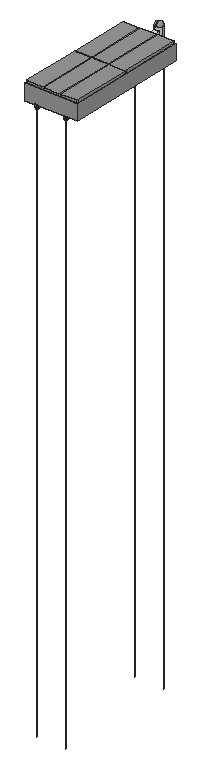
Revit family "62154", category Lighting Fixtures, host Face, Revit 2018
Family settings
  Host = Face
  Round Connector Dimension = Use Diameter
  Part Type = Normal
  OmniClass Number = 23.80.70.00
  OmniClass Title = Lighting
  Cut with Voids When Loaded = No
  Light Source = Yes
  Shared = No
  Room Calculation Point = No
Parameters (values of type "0062154 KUBIXX 4000K 32KLM AISLE SSA")
  Weight = "n/a"
  Wattage Comments = ""
  Wattage = 9.2903 W
  WarrantyStartDate [instance] = "n/a"
  WarrantyGuarantorParts = "n/a"
  WarrantyDurationUnit = "n/a"
  WarrantyDurationParts = ""
  WarrantyDescription = "http://www.sylvania-lighting.com"
  built-in parameter 1150110 = 1 (stored number, unit not read)
  Voltage = 0 V
  URL = "0"
  TypeName = "KubiXx 4000K 32KLM AISLE SSA"
  Type Image = <None>
  Type Comments = "n/a"
  built-in parameter 1114217 = 1 (stored number, unit not read)
  Total Length = 732 mm
  Tilt Angle = -90.00°
  built-in parameter 1150109 = 1 (stored number, unit not read)
  built-in parameter 1150134 = 3
  Suspension height = 3000 mm
  built-in parameter 1150113 = 1 (stored number, unit not read)
  SerialNumber [instance] = "n/a"
  Photometric Web File = "0062154.IES"
  Material_3_SYL = none
  PowerFactor = 0
  PowerConsumption = "Lighting"
  NominalLength = 280 mm
  NominalHeight = 94 mm
  NominalDepth = 650 mm
  Name = "KubiXx 4000K 32KLM AISLE SSA"
  ModelReference = Name  # "KubiXx 4000K 32KLM AISLE SSA"
  ModelNumber = "0062154"
  Model = Name  # "KubiXx 4000K 32KLM AISLE SSA"
  Material = "Feilo Sylvania"
  ManufacturerName = "172 lm/W"
  Manufacturer = ""
  LuminousEfficacy = ""
  built-in parameter 1150105 = 109.82 (stored number, unit not read)
  Lumens = 1380 lm
  LuminaireType = "0"
  built-in parameter 1150115 = 1 (stored number, unit not read)
  LightOutputRatio = "LED"
  built-in parameter 1150137 = (empty or 0)
  built-in parameter 1150139 = (empty or 0)
  LampsType = Lamp  # "n/a"
  LampNominalLuminous = "4000 K"
  LampMacAdamStep = "80"
  LampColourTemperature = "LED"
  LampColourRenderingIndex = "16500"
  built-in parameter 1150112 = 1 (stored number, unit not read)
  built-in parameter 1150114 = 1 (stored number, unit not read)
  Lamp = "n/a"
  Keynote = "n/a"
  InstallationDate [instance] = "n/a"
  InputVoltage = "0"
  InputNominalFrequency = "4000"
  built-in parameter 1150132 = (empty or 0)
  built-in parameter 1150102 = (empty or 0)
  built-in parameter 1150107 = 3200 (stored number, unit not read)
  built-in parameter 1150138 = (empty or 0)
  IngressProtection = "IfcLightFixtureType"
  ImpactProtectionIndex = "IfcLightFixtureType"
  built-in parameter 1150106 = 1.0982 (stored number, unit not read)
  IfcExportType = "IfcLightFixtureType"
  IfcExportAs = "Class I"
  Emit from Circle Diameter = 609.6 mm
  Emit Shape Visible in Rendering = no
  ElectricShockClassification = "172"
  built-in parameter 1150104 = 13.8 (stored number, unit not read)
  DocumentationLiterature = "http://www.sylvania-lighting.com/product/en-int/products/0062154"
  DimmingControlOptions = "n/a"
  Material_2_SYL = none
  Dimming Lamp Color Temperature Shift = <None>
  Description = "Logistics and Industry high bay luminaire with wide optics to provide homogenous light distribution for open space areas. 32500lumens, 188W, 172lm/W, 4000K, CRI80, wide beam optic, SylSmart SSA dimmable, 3 step MacAdam ellipse, grey finish (RAL7012), Class 1, 220-240V, IP65, IK06."
  Default Elevation = 1219.2 mm
  CreatedOn = "09/11/2023"
  CreatedBy = "@sylvania-lighting.com"
  Cost = 0
  Color Filter = 16777215
  built-in parameter 1114216 [instance] = (empty or 0)
  ClassificationValue = "EF_70_80"
  ClassificationName = "Uniclass2015"
  Material_1_SYL = none
  BarCode [instance] = "n/a"
  built-in parameter 1114218 = 1 (stored number, unit not read)
  built-in parameter 1150133 = 10 (stored number, unit not read)
  AssetType = "Fixed"
  AssetIdentifier [instance] = "n/a"
  Assembly Code = "D5020200"
  Apparent Load = 188 VA
  Material_4_SYL = none
Reference planes
  plane 1 "Center (Front/Back)": y = 0
  plane 2: z = 0
  plane 3 "Center (Left/Right)": x = 0
  plane 4: x = -140
  plane 5: x = 140
  plane 6: y = 325
  plane 7: y = -325
  plane 8: y = 160
  plane 9: y = -160
  plane 10: x = -93.6
  plane 11: x = -89.2
  plane 12: x = -2.2
  plane 13: x = 2.2
  plane 14: x = 89.2
  plane 15: x = 93.6
  plane 16: x = 77.2
  plane 17: x = -77.2
  plane 18: x = -87.2
  plane 19: x = -67.2
  plane 20: z = -18
  plane 21: y = 162
  plane 22: z = -8
  plane 23: y = -162
  plane 24: z = 3083
  plane 25: z = 3094
  plane 26: y = 163.5
  plane 27: z = 3000
  plane 28: z = 2982
  plane 29: x = 138.6
  plane 30: x = -138.6
  plane 31: x = 134.2
  plane 32: x = -134.2
  plane 33: x = 47.2
  plane 34: x = -47.2
  plane 35: x = 42.795
  plane 36: x = -42.778
  plane 37: y = -320.6
  plane 38: y = 1
  plane 39: y = -1
  plane 40: z = 3094
  plane 41: y = 407
Forms (mm)
  Extrusion 1, solid, material "Aluminum", detail levels medium+fine
    sketch origin (0, 0, 0) x (1, 0, 0) y (0, 1, 0)
      loop
        line (-140, 325) -> (-140, -325) -> (140, -325) -> (140, 325) -> (-140, 325)
    from 3000 to 3083
  Extrusion 2, solid, material "Acetal Resin, White", detail levels medium+fine
    sketch origin (91.4, 160.6, 0) x (1, 0, 0) y (0, 1, 0)
      loop
        arc (-220.89, 160) -> (-224.425, 158.536) -> (-225.89, 155) r 5
        line (-225.89, 155) -> (-225.89, -154.6)
        arc (-225.89, -154.6) -> (-224.425, -158.136) -> (-220.89, -159.6) r 5
        line (-220.89, -159.6) -> (-143.578, -159.6)
        arc (-143.578, -159.6) -> (-140.042, -158.136) -> (-138.578, -154.6) r 5
        line (-138.578, -154.6) -> (-138.578, 155)
        arc (-138.578, 155) -> (-140.042, 158.536) -> (-143.578, 160) r 5
        line (-143.578, 160) -> (-220.89, 160)
    from 3083 to 3094
  Extrusion 3, solid, material "Acetal Resin, White", detail levels medium+fine
    sketch origin (182.8, 160.6, 0) x (1, 0, 0) y (0, 1, 0)
      loop
        arc (-130.605, 160) -> (-134.141, 158.536) -> (-135.605, 155) r 5
        line (-135.605, 155) -> (-135.605, -154.6)
        arc (-135.605, -154.6) -> (-134.141, -158.136) -> (-130.605, -159.6) r 5
        line (-130.605, -159.6) -> (-53.412, -159.6)
        arc (-53.412, -159.6) -> (-49.876, -158.136) -> (-48.412, -154.6) r 5
        line (-48.412, -154.6) -> (-48.412, 155)
        arc (-48.412, 155) -> (-49.876, 158.536) -> (-53.412, 160) r 5
        line (-53.412, 160) -> (-130.605, 160)
    from 3083 to 3094
  Extrusion 4, solid, material "Aluminum", detail levels fine
    sketch origin (0, 0, 2992) x (1, 0, 0) y (0, 0, 1)
      loop
        line (-87.2, 8) -> (-87.2, 0)
        arc (-87.2, 0) -> (-84.271, -7.071) -> (-77.2, -10) r 10
        arc (-77.2, -10) -> (-70.129, -7.071) -> (-67.2, 0) r 10
        line (-67.2, 0) -> (-67.2, 8) -> (-87.2, 8)
    from -325 to -322
  Extrusion 5, void
    sketch origin (0.086, 0, 2990.692) x (1, 0, 0) y (0, 0, 1)
      loop
        circle (-77.2, 0) r 3
    from -350.589 to 380.147
  Extrusion 6, solid, material "Aluminum", detail levels fine
    sketch origin (154.4, 0, 2992) x (1, 0, 0) y (0, 0, 1)
      loop
        line (-87.2, 8) -> (-87.2, 0)
        arc (-87.2, 0) -> (-84.271, -7.071) -> (-77.2, -10) r 10
        arc (-77.2, -10) -> (-70.129, -7.071) -> (-67.2, 0) r 10
        line (-67.2, 0) -> (-67.2, 8) -> (-87.2, 8)
    from -325 to -322
  Extrusion 7, void
    sketch origin (154.475, 0, 2991.254) x (1, 0, 0) y (0, 0, 1)
      loop
        circle (-77.2, 0) r 3
    from -394.188 to 347.516
  Extrusion 8, solid, material "Aluminum", detail levels fine
    sketch origin (0, 0, 2992) x (1, 0, 0) y (0, 0, 1)
      loop
        line (-87.2, 8) -> (-87.2, 0)
        arc (-87.2, 0) -> (-84.271, -7.071) -> (-77.2, -10) r 10
        arc (-77.2, -10) -> (-70.129, -7.071) -> (-67.2, 0) r 10
        line (-67.2, 0) -> (-67.2, 8) -> (-87.2, 8)
    from 325 to 322
  Extrusion 9, solid, material "Aluminum", detail levels fine
    sketch origin (153.445, 0, 2992) x (1, 0, 0) y (0, 0, 1)
      loop
        line (-86.235, 8) -> (-86.235, 0.111)
        arc (-86.235, 0.111) -> (-83.306, -6.96) -> (-76.235, -9.889) r 10
        arc (-76.235, -9.889) -> (-69.163, -6.96) -> (-66.235, 0.111) r 10
        line (-66.235, 0.111) -> (-66.235, 8) -> (-86.235, 8)
    from 325 to 322
  Extrusion 10, solid, material "Stainless Steel"
    sketch origin (-0.029, 159.919, 0) x (1, 0, 0) y (0, 1, 0)
      loop
        circle (-77.2, 163.5) r 1
    from 0 to 3000
  Extrusion 11, solid, material "Stainless Steel"
    sketch origin (154.4, 159.993, 0) x (1, 0, 0) y (0, 1, 0)
      loop
        circle (-77.2, 163.5) r 1
    from 0 to 3000
  Extrusion 12, solid, material "Stainless Steel"
    sketch origin (0, -327, 0) x (1, 0, 0) y (0, 1, 0)
      loop
        circle (-77.2, 3.5) r 1
    from 0 to 3000
  Extrusion 13, solid, material "Stainless Steel"
    sketch origin (154.386, -327.05, 0) x (1, 0, 0) y (0, 1, 0)
      loop
        circle (-77.2, 3.5) r 1
    from 0 to 3000
  Extrusion 14, solid, detail levels coarse
    sketch origin (0, 0, 0) x (1, 0, 0) y (0, 0, 1)
      loop
        line (-140, 3097.667) -> (-140, 0) -> (140, 0) -> (140, 3097.667) -> (-140, 3097.667)
    from -407 to 325
  Extrusion 15, solid, material "Acetal Resin, White", detail levels medium+fine
    sketch origin (181.395, 160.6, 0) x (1, 0, 0) y (0, 1, 0)
      loop
        arc (-219.21, 160) -> (-222.746, 158.536) -> (-224.21, 155) r 5
        line (-224.21, 155) -> (-224.21, -154.6)
        arc (-224.21, -154.6) -> (-222.746, -158.136) -> (-219.21, -159.6) r 5
        line (-219.21, -159.6) -> (-143.578, -159.6)
        arc (-143.578, -159.6) -> (-140.042, -158.136) -> (-138.578, -154.6) r 5
        line (-138.578, -154.6) -> (-138.578, 155)
        arc (-138.578, 155) -> (-140.042, 158.536) -> (-143.578, 160) r 5
        line (-143.578, 160) -> (-219.21, 160)
    from 3083 to 3094
  Extrusion 16, solid, material "Acetal Resin, White", detail levels medium+fine
    sketch origin (91.4, -160.6, 0) x (1, 0, 0) y (0, 1, 0)
      loop
        arc (-220.89, 159.6) -> (-224.425, 158.136) -> (-225.89, 154.6) r 5
        line (-225.89, 154.6) -> (-225.89, -155)
        arc (-225.89, -155) -> (-224.425, -158.536) -> (-220.89, -160) r 5
        line (-220.89, -160) -> (-143.578, -160)
        arc (-143.578, -160) -> (-140.042, -158.536) -> (-138.578, -155) r 5
        line (-138.578, -155) -> (-138.578, 154.6)
        arc (-138.578, 154.6) -> (-140.042, 158.136) -> (-143.578, 159.6) r 5
        line (-143.578, 159.6) -> (-220.89, 159.6)
    from 3083 to 3094
  Extrusion 17, solid, material "Acetal Resin, White", detail levels medium+fine
    sketch origin (182.8, -160.6, 0) x (1, 0, 0) y (0, 1, 0)
      loop
        arc (-130.605, 159.6) -> (-134.141, 158.136) -> (-135.605, 154.6) r 5
        line (-135.605, 154.6) -> (-135.605, -155)
        arc (-135.605, -155) -> (-134.141, -158.536) -> (-130.605, -160) r 5
        line (-130.605, -160) -> (-53.412, -160)
        arc (-53.412, -160) -> (-49.876, -158.536) -> (-48.412, -155) r 5
        line (-48.412, -155) -> (-48.412, 154.6)
        arc (-48.412, 154.6) -> (-49.876, 158.136) -> (-53.412, 159.6) r 5
        line (-53.412, 159.6) -> (-130.605, 159.6)
    from 3083 to 3094
  Extrusion 18, solid, material "Acetal Resin, White", detail levels medium+fine
    sketch origin (181.395, -160.6, 0) x (1, 0, 0) y (0, 1, 0)
      loop
        arc (-219.21, 159.6) -> (-222.746, 158.136) -> (-224.21, 154.6) r 5
        line (-224.21, 154.6) -> (-224.21, -155)
        arc (-224.21, -155) -> (-222.746, -158.536) -> (-219.21, -160) r 5
        line (-219.21, -160) -> (-143.578, -160)
        arc (-143.578, -160) -> (-140.042, -158.536) -> (-138.578, -155) r 5
        line (-138.578, -155) -> (-138.578, 154.6)
        arc (-138.578, 154.6) -> (-140.042, 158.136) -> (-143.578, 159.6) r 5
        line (-143.578, 159.6) -> (-219.21, 159.6)
    from 3083 to 3094
  Blend 19, solid
    base sketch origin (0, 160.036, -0.067) x (1, 0, 0) y (0, 1, 0)
      loop
        circle (0, 228) r 19
    top sketch origin (0, 160.036, -0.067) x (1, 0, 0) y (0, 1, 0)
      loop
        circle (0, 228) r 19
    from 3039 to 3094
  Revolve 20, solid, material "Acetal Resin, White"
    sketch origin (-0.021, 1684.036, 1219.17) x (0, 1, 0) y (0, 0, 1)
      loop
        line (-1296, 1874.8) -> (-1277, 1874.8)
        arc (-1277, 1874.8) -> (-1282.5, 1888.6) -> (-1296, 1894.8) r 20
        line (-1296, 1894.8) -> (-1296, 1874.8)
      axis (-1296, 1894.8) -> (-1296, 1874.8)
    angle from 179.389 to 539.028
  Extrusion 21, solid
    sketch origin (0, 160.036, -0.067) x (1, 0, 0) y (0, 1, 0)
      loop
        line (-13.5, 214.609) -> (-13.5, 165) -> (13.5, 165) -> (13.5, 214.609) -> (-13.5, 214.609)
    from 3039 to 3083
  Extrusion 22, void
    sketch origin (319, 1684.036, 1219.133) x (0, 1, 0) y (0, 0, 1)
      loop
        line (-1309.391, 1863.8) -> (-1359, 1863.8) -> (-1359, 1843.8) -> (-1333.226, 1843.8) -> (-1309.391, 1863.8)
    from -343.775 to -294
  Blend 23, solid, not visible
    base sketch origin (0, 0, 0) x (1, 0, 0) y (0, 1, 0)
      loop
        circle (0, 228) r 19
    top sketch origin (0, 0, 0) x (1, 0, 0) y (0, 1, 0)
      loop
        circle (0, 228) r 19
    from 3039 to 3094
  Revolve 24, solid, material "Acetal Resin, White", not visible
    sketch origin (-0.021, 1524, 1219.237) x (0, 1, 0) y (0, 0, 1)
      loop
        line (-1296, 1874.8) -> (-1277, 1874.8)
        arc (-1277, 1874.8) -> (-1282.5, 1888.6) -> (-1296, 1894.8) r 20
        line (-1296, 1894.8) -> (-1296, 1874.8)
      axis (-1296, 1894.8) -> (-1296, 1874.8)
    angle from 179.389 to 539.028
  Extrusion 25, solid, not visible
    sketch origin (0, 0, 0) x (1, 0, 0) y (0, 1, 0)
      loop
        line (-13.5, 214.609) -> (-13.5, 165) -> (13.5, 165) -> (13.5, 214.609) -> (-13.5, 214.609)
    from 3039 to 3083
  Extrusion 26, void, not visible
    sketch origin (319, 1524, 1219.2) x (0, 1, 0) y (0, 0, 1)
      loop
        line (-1309.391, 1863.8) -> (-1359, 1863.8) -> (-1359, 1843.8) -> (-1333.226, 1843.8) -> (-1309.391, 1863.8)
    from -343.775 to -294
Cuts and joins
  Extrusion 5 cuts Extrusion 4
  Extrusion 5 cuts Extrusion 8
  Extrusion 7 cuts Extrusion 6
  Extrusion 7 cuts Extrusion 9
  Extrusion 22 cuts Extrusion 21
Dimensions and locks
  "NominalLength": plane 4 to plane 5
  equal spacing: plane 4, plane 3 "Center (Left/Right)", plane 5
  "NominalDepth": plane 6 to plane 7
  equal spacing: plane 6, plane 1 "Center (Front/Back)", plane 7
  Extrusion 3 to plane 3 "Center (Left/Right)" = 47.195 mm
  plane 3 "Center (Left/Right)" to Extrusion 2 = 134.49 mm
  "Suspension height": level to plane 27
  plane 25 to plane 24 = 11 mm
  "NominalHeight": plane 27 to plane 25
  plane 14 to Extrusion 6 = 22 mm
  "Total Length": plane 41 to plane 7
  aligned and locked: plane 2 to host face
  aligned and locked: level to host face
Automatic sketch dimensions
  host sketch curve to host sketch curve = 2438.4 mm  (x2)
  Extrusion 1 sketch curve to plane 4 = 0 mm
  Extrusion 1 sketch curve to plane 5 = 0 mm
  Extrusion 1 sketch curve to plane 7 = 0 mm
  Extrusion 1 sketch curve to plane 6 = 0 mm
  plane 32 to Extrusion 2 sketch curve = 0.29 mm
  Extrusion 2 sketch curve to plane 1 "Center (Front/Back)" = 1 mm
  Extrusion 2 sketch curve to plane 32 = 4.71 mm  (x2)
  plane 34 to Extrusion 2 sketch curve = 4.978 mm  (x2)
  Extrusion 2 sketch curve to plane 34 = 0.022 mm
  plane 33 to Extrusion 3 sketch curve = 0.005 mm
  Extrusion 3 sketch curve to plane 1 "Center (Front/Back)" = 1 mm
  Extrusion 3 sketch curve to plane 33 = 4.995 mm  (x2)
  plane 31 to Extrusion 3 sketch curve = 4.812 mm  (x2)
  Extrusion 3 sketch curve to plane 31 = 0.188 mm
  Extrusion 4 sketch curve to Extrusion 4 sketch curve = 0 mm  (x2)
  Extrusion 4 sketch curve to plane 18 = 0 mm
  Extrusion 4 sketch curve to plane 17 = 0 mm
  Extrusion 4 sketch curve to plane 28 = 0 mm
  Extrusion 4 sketch curve to plane 27 = 0 mm
  plane 17 to Extrusion 5 sketch curve = 0.086 mm
  plane 28 to Extrusion 5 sketch curve = 8.692 mm
  Extrusion 6 sketch curve to Extrusion 6 sketch curve = 0 mm  (x2)
  Extrusion 6 sketch curve to plane 27 = 0 mm
  Extrusion 6 sketch curve to plane 16 = 0 mm
  Extrusion 6 sketch curve to plane 28 = 0 mm
  Extrusion 6 sketch curve to plane 16 = 10 mm
  plane 16 to Extrusion 7 sketch curve = 0.075 mm
  Extrusion 7 sketch curve to plane 27 = 8.746 mm
  Extrusion 8 sketch curve to Extrusion 8 sketch curve = 0 mm  (x2)
  Extrusion 8 sketch curve to plane 18 = 0 mm
  Extrusion 8 sketch curve to plane 17 = 0 mm
  Extrusion 8 sketch curve to plane 28 = 0 mm
  Extrusion 8 sketch curve to plane 27 = 0 mm
  Extrusion 9 sketch curve to Extrusion 9 sketch curve = 0 mm  (x2)
  Extrusion 9 sketch curve to plane 27 = 0 mm
  Extrusion 9 sketch curve to plane 16 = 9.989 mm
  plane 16 to Extrusion 9 sketch curve = 0.011 mm
  Extrusion 9 sketch curve to Extrusion 9 sketch curve = 7.889 mm
  Extrusion 10 sketch curve to plane 17 = 0.029 mm
  Extrusion 10 sketch curve to plane 6 = 1.581 mm
  Extrusion 11 sketch curve to plane 16 = 0 mm
  Extrusion 11 sketch curve to plane 6 = 1.507 mm
  Extrusion 12 sketch curve to plane 17 = 0 mm
  plane 7 to Extrusion 12 sketch curve = 1.5 mm
  Extrusion 13 sketch curve to plane 16 = 0.014 mm
  plane 7 to Extrusion 13 sketch curve = 1.45 mm
  Extrusion 14 sketch curve to level = 0 mm
  Extrusion 14 sketch curve to plane 4 = 0 mm
  Extrusion 14 sketch curve to plane 5 = 0 mm
  plane 25 to Extrusion 14 sketch curve = 3.667 mm
  plane 36 to Extrusion 15 sketch curve = 0.038 mm
  Extrusion 15 sketch curve to plane 1 "Center (Front/Back)" = 1 mm
  Extrusion 15 sketch curve to plane 36 = 4.962 mm  (x2)
  plane 35 to Extrusion 15 sketch curve = 4.978 mm  (x2)
  Extrusion 15 sketch curve to plane 35 = 0.022 mm
  Extrusion 16 sketch curve to plane 37 = 0 mm
  plane 32 to Extrusion 16 sketch curve = 0.29 mm
  Extrusion 16 sketch curve to plane 32 = 4.71 mm  (x2)
  plane 1 "Center (Front/Back)" to Extrusion 16 sketch curve = 1 mm
  plane 34 to Extrusion 16 sketch curve = 4.978 mm  (x2)
  Extrusion 16 sketch curve to plane 34 = 0.022 mm
  Extrusion 17 sketch curve to plane 37 = 0 mm
  plane 33 to Extrusion 17 sketch curve = 0.005 mm
  Extrusion 17 sketch curve to plane 33 = 4.995 mm  (x2)
  plane 1 "Center (Front/Back)" to Extrusion 17 sketch curve = 1 mm
  plane 31 to Extrusion 17 sketch curve = 4.812 mm  (x2)
  Extrusion 17 sketch curve to plane 31 = 0.188 mm
  Extrusion 18 sketch curve to plane 37 = 0 mm
  plane 36 to Extrusion 18 sketch curve = 0.038 mm
  Extrusion 18 sketch curve to plane 36 = 4.962 mm  (x2)
  plane 1 "Center (Front/Back)" to Extrusion 18 sketch curve = 1 mm
  plane 35 to Extrusion 18 sketch curve = 4.978 mm  (x2)
  Extrusion 18 sketch curve to plane 35 = 0.022 mm
  Extrusion 2 sketch curve to plane 6 = 9.4 mm
  Extrusion 3 sketch curve to plane 6 = 9.4 mm
  Extrusion 15 sketch curve to plane 6 = 9.4 mm
  Revolve 20 sketch curve to Revolve 20 sketch curve = 1 mm
  Revolve 20 sketch curve to Revolve 20 sketch curve = 19 mm
  Revolve 20 sketch curve to Revolve 20 sketch curve = 0.025 mm
  Revolve 20 sketch curve to Revolve 20 sketch curve = 0 mm
  Revolve 20 sketch curve to Revolve 20 sketch curve = 8.022 mm
  Revolve 20 sketch curve to Revolve 20 sketch curve = 11.978 mm
  Extrusion 21 sketch curve to Extrusion 21 sketch curve = 27 mm
  Extrusion 21 sketch curve to Extrusion 21 sketch curve = 49.609 mm
  Extrusion 22 sketch curve to Extrusion 22 sketch curve = 25.774 mm
  Extrusion 22 sketch curve to Extrusion 22 sketch curve = 23.835 mm
  Extrusion 22 sketch curve to Extrusion 22 sketch curve = 20 mm
  Revolve 24 sketch curve to Revolve 24 sketch curve = 1 mm
  Revolve 24 sketch curve to Revolve 24 sketch curve = 19 mm
  Revolve 24 sketch curve to Revolve 24 sketch curve = 0.025 mm
  Revolve 24 sketch curve to Revolve 24 sketch curve = 0 mm
  Revolve 24 sketch curve to Revolve 24 sketch curve = 8.022 mm
  Revolve 24 sketch curve to Revolve 24 sketch curve = 11.978 mm
  Extrusion 25 sketch curve to Extrusion 25 sketch curve = 27 mm
  Extrusion 25 sketch curve to Extrusion 25 sketch curve = 49.609 mm
  Extrusion 26 sketch curve to Extrusion 26 sketch curve = 25.774 mm
  Extrusion 26 sketch curve to Extrusion 26 sketch curve = 23.835 mm
  Extrusion 26 sketch curve to Extrusion 26 sketch curve = 20 mm
  Blend 19 sketch curve to plane 3 "Center (Left/Right)" = 0 mm  (x2)
  Blend 19 sketch curve to plane 41 = 18.964 mm  (x2)
  Revolve 20 sketch curve to plane 25 = 0.005 mm
  Revolve 20 sketch curve to plane 41 = 19.964 mm
  plane 6 to Extrusion 21 sketch curve = 0.036 mm
  Extrusion 21 sketch curve to plane 12 = 11.3 mm
  plane 6 to Extrusion 22 sketch curve = 0.036 mm
  Extrusion 22 sketch curve to plane 24 = 20.067 mm
  radius of Extrusion 5 sketch curve = 3 mm
  radius of Extrusion 7 sketch curve = 3 mm
  radius of Extrusion 10 sketch curve = 1 mm
  radius of Extrusion 11 sketch curve = 1 mm
  radius of Extrusion 12 sketch curve = 1 mm
  radius of Extrusion 13 sketch curve = 1 mm
  radius of Blend 19 sketch curve = 19 mm  (x2)
  radius of Blend 23 sketch curve = 19 mm  (x2)
Connectors
  electrical at (0, 0, 3000)
    settings: on Extrusion 1, index 1, voltage 0 V, apparent load 0 VA, apparent load phase1 0 VA, apparent load phase2 0 VA, apparent load phase3 0 VA, power factor 1, load classification "Other", number of poles 1, system type 31, power factor state 1, is connector primary yes, connector utility no, sub classification motor no, connector description ""
